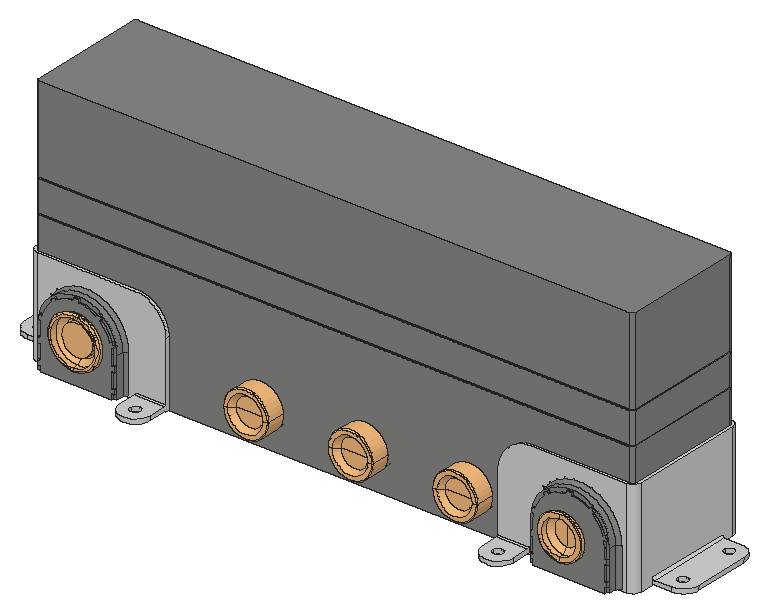
Revit family "Valve-Four_Outlet_Thermostatic-KOHLER-K-26342", category Plumbing Fixtures, host Face, Revit 2017
Family settings
  Host = Face
  Round Connector Dimension = Use Diameter
  Part Type = Normal
  OmniClass Number = 23.27.31.00
  OmniClass Title = Valves
  Cut with Voids When Loaded = No
  Shared = No
  Room Calculation Point = No
Parameters (values of type "NA-Not Applicable")
  Width = 16 33/64"  # constant formula
  WaterSense Certified = 1 = 0  # no
  Waste Connection = 1 = 0  # no
  Vent Connection = 1 = 0  # no
  Tempered Water Outlet 4 = "Tempered Water Outlet 4"  # constant formula
  Tempered Water Outlet 3 = "Tempered Water Outlet 3"  # constant formula
  Tempered Water Outlet 2 = "Tempered Water Outlet 2"  # constant formula
  Tempered Water Outlet 1 = "Tempered Water Outlet 1"  # constant formula
  URL = "https://www.us.kohler.com/us/"
  Type = 1
  Product Page URL = ""
  Product Name = ""
  Product Documentation Link = ""
  Pressure = 0.00 psi  # constant formula
  Model = "K-26342-NA"  # constant formula
  Material = "Plastic construction"  # constant formula
  Master Format 2014 Name = "Control Valves"  # constant formula
  Master Format 2014 = "23 09 13.33"  # constant formula
  Manufacturer Address = "444 Highland Dr, Kohler, WI 53044"  # constant formula
  Manufacturer = "KOHLER Co."  # constant formula
  Length = 6 13/128"  # constant formula
  Hot Water Inlet = "Hot Water Inlet"  # constant formula
  Height = 4 113/128"  # constant formula
  HW Connection = 1 = 1  # yes
  Flow Rate = 1.75 GPM  # constant formula
  Finish = Kohler-Plastic-58-Thunder_Grey
  Environmental Product Declaration = ""
  Description = "REC PUSH-BUTTON TH VALVE- 4 OUTLET"  # constant formula
  Default Elevation = 42"
  Declare Label = ""
  Date Modified = "02/12/2021"  # constant formula
  Date Created = "02/09/2021"  # constant formula
  Copyright = "Copyright KOHLER Co."  # constant formula
  Contact Us = "https://www.us.kohler.com/us/static/contact.jsp"
  Tempered Water Outlet 4 UP [instance] = yes
  Tempered Water Outlet 4 Down [instance] = not(Tempered Water Outlet 4 UP)  # no
  Tempered Water Outlet 3 UP [instance] = yes
  Tempered Water Outlet 3 Down [instance] = not(Tempered Water Outlet 3 UP)  # no
  Tempered Water Outlet 2 UP [instance] = yes
  Tempered Water Outlet 2 Down [instance] = not(Tempered Water Outlet 2 UP)  # no
  Tempered Water Outlet 1 UP [instance] = yes
  Tempered Water Outlet 1 Down [instance] = not(Tempered Water Outlet 1 UP)  # no
  Cold Water Inlet = "Cold Water Inlet"  # constant formula
  CW Connection = 1 = 1  # yes
  Assembly Code = "D2020"
  ADA Compliant = 1 = 0  # no
Reference planes (in)
  plane 1 "Center (Front/Back)": y = 0
  plane 2: z = 0
  plane 3 "Center (Left/Right)": x = 0
  plane 4: y = 2.44056
  plane 5: y = -2.44225
  plane 6: x = -8.2579
  plane 7: x = 8.25773
  plane 8: y = 2.06786
  plane 9: x = -7.88396
  plane 10: x = 7.88396
  plane 11: y = 0.7088
  plane 12: y = -0.7088
  plane 13: y = -2.06786
  plane 14: x = -4.439
  plane 15: x = 4.439
  plane 16: y = 1.59449
  plane 17: y = -1.59449
  plane 18: x = -7.41144
  plane 19: x = 7.41144
  plane 20: x = -6.0332
  plane 21: x = -1.81655
  plane 22: x = 3.3062
  plane 23: x = 0.7424
  plane 24: y = 1.06299
  plane 25: y = -1.06299
  plane 26: y = 1.51575
  plane 27: y = -1.51575
  plane 28: x = -7.31302
  plane 29: x = 3.67991
  plane 30: x = 7.31302
  plane 31: x = 5.84649
  plane 32: z = -6.10156
  plane 33: z = -5.22155
  plane 34: z = -5.11726
Forms (in)
  Extrusion 1, void
    sketch origin (0, 0, 0) x (1, 0, 0) y (0, 1, 0)
      loop
        line (-7.41144, 1.59449) -> (-7.41144, -1.59449) -> (7.41144, -1.59449) -> (7.41144, 1.59449) -> (-7.41144, 1.59449)
    from -6.10156 to 0.42611
  Extrusion 2, void
    sketch origin (0, 0, 0) x (1, 0, 0) y (0, 1, 0)
      loop
        line (-8.2579, 2.44188) -> (-8.2579, -2.44056) -> (8.2579, -2.44056) -> (8.2579, 2.44188) -> (-8.2579, 2.44188)
    from -3.65797 to -6.10236
Dimensions and locks (in)
  "Width": plane 6 to plane 7
  plane 14 to plane 15 = 8.878"
  plane 9 to plane 10 = 15.76792"
  plane 12 to plane 11 = 1.4176"
  plane 18 to plane 19 = 14.82288"
  plane 16 to plane 17 = 3.18898"
  plane 28 to plane 30 = 14.62603"
  plane 30 to plane 28 = 14.62603"
  plane 34 to plane 32 = 0.98431"
  plane 33 to plane 32 = 0.88001"
  "Height": plane 4 to plane 5
  "Length": level to plane 32
  aligned and locked: plane 2 to host face
  aligned and locked: level to host face
Automatic sketch dimensions
  host sketch curve to host sketch curve = 96"  (x2)
  Extrusion 1 sketch curve to plane 18 = 0"
  plane 17 to Extrusion 1 sketch curve = 0"
  Extrusion 1 sketch curve to plane 16 = 0"
  Extrusion 1 sketch curve to plane 19 = 0"
  Extrusion 2 sketch curve to plane 6 = 0"
  Extrusion 2 sketch curve to plane 5 = 0.00169"
  plane 4 to Extrusion 2 sketch curve = 0.00132"
  plane 7 to Extrusion 2 sketch curve = 0.00017"
Nested families (in)
  nested 1: "K-26342" at (0, 0, -6.10236), type "K-26342"
Connectors (in)
  piping at (-1.81655, 1.9404, -5.22241), diameter 0.5, driven by "Tempered Water Outlet 1", driven by "Flow Rate", driven by "HW Connection"
    settings: on nested 1, index 1, connector inside diameter 24", connector length 0", flow factor 0, pipe flow 1.75 GPM, pressure drop 0.00 psi, fitting loss kfactor 0, connector angle 0.00°, fixture units 0, engagement length 0", angle of deflection 0.00°, flow configuration 1, flow direction 2, fitting loss method 0, system type 19, joint type 0, gender type 0, connector reference index -1, connector utility 1, adjustable connector no, is connector primary yes, connector description "Tempered Water Outlet 1"
  piping at (0.7424, 1.9404, -5.22241), diameter 0.5, driven by "Flow Rate", driven by "HW Connection", driven by "Tempered Water Outlet 2"
    settings: on nested 1, index 2, connector inside diameter 24", connector length 0", flow factor 0, pipe flow 1.75 GPM, pressure drop 0.00 psi, fitting loss kfactor 0, connector angle 0.00°, fixture units 0, engagement length 0", angle of deflection 0.00°, flow configuration 1, flow direction 2, fitting loss method 0, system type 19, joint type 0, gender type 0, connector reference index -1, connector utility 1, adjustable connector no, is connector primary no, connector description "Tempered Water Outlet 2"
  piping at (3.3062, 1.94039, -5.22241), diameter 0.5, driven by "Flow Rate", driven by "HW Connection", driven by "Tempered Water Outlet 3"
    settings: on nested 1, index 3, connector inside diameter 24", connector length 0", flow factor 0, pipe flow 1.75 GPM, pressure drop 0.00 psi, fitting loss kfactor 0, connector angle 0.00°, fixture units 0, engagement length 0", angle of deflection 0.00°, flow configuration 1, flow direction 2, fitting loss method 0, system type 19, joint type 0, gender type 0, connector reference index -1, connector utility 1, adjustable connector no, is connector primary no, connector description "Tempered Water Outlet 3"
  piping at (5.84649, 1.85039, -5.22241), diameter 0.5, driven by "Flow Rate", driven by "HW Connection", driven by "Tempered Water Outlet 4"
    settings: on nested 1, index 4, connector inside diameter 24", connector length 0", flow factor 0, pipe flow 1.75 GPM, pressure drop 0.00 psi, fitting loss kfactor 0, connector angle 0.00°, fixture units 0, engagement length 0", angle of deflection 0.00°, flow configuration 1, flow direction 2, fitting loss method 0, system type 19, joint type 0, gender type 0, connector reference index -1, connector utility 1, adjustable connector no, is connector primary no, connector description "Tempered Water Outlet 4"
  piping at (-6.0332, -1.85039, -5.11811), diameter 0.75, driven by "Flow Rate", driven by "HW Connection", driven by "Hot Water Inlet"
    settings: on nested 1, index 5, connector inside diameter 24", connector length 0", flow factor 0, pipe flow 1.75 GPM, pressure drop 0.00 psi, fitting loss kfactor 0, connector angle 0.00°, fixture units 0, engagement length 0", angle of deflection 0.00°, flow configuration 1, flow direction 1, fitting loss method 0, system type 19, joint type 0, gender type 0, connector reference index -1, connector utility 1, adjustable connector no, is connector primary no, connector description "Hot Water Inlet"
  piping at (-6.0332, 1.85039, -5.11811), diameter 0.75, driven by "Flow Rate", driven by "CW Connection", driven by "Cold Water Inlet"
    settings: on nested 1, index 6, connector inside diameter 24", connector length 0", flow factor 0, pipe flow 1.75 GPM, pressure drop 0.00 psi, fitting loss kfactor 0, connector angle 0.00°, fixture units 0, engagement length 0", angle of deflection 0.00°, flow configuration 0, flow direction 1, fitting loss method 0, system type 20, joint type 0, gender type 0, connector reference index -1, connector utility 1, adjustable connector no, is connector primary no, connector description "Cold Water Inlet"
Definition of nested family "K-26342"
  Parameters (values of type "K-26342")
    Material = none
    Connector 4 UP = yes
    Connector 4 Down = not(Connector 4 UP)  # no
    Connector 4 Dis = if(Connector 4 UP, 3 1/32", 0")  # 3 1/32"
    Connector 4 Angle = if(Connector 4 UP, 0.00°, 180.00°)  # 0.00°
    Connector 3 UP = yes
    Connector 3 Down = not(Connector 3 UP)  # no
    Connector 3 Dis = if(Connector 3 UP, 3 1/32", 0")  # 3 1/32"
    Connector 3 Angle = if(Connector 3 UP, 180.00°, 0.00°)  # 180.00°
    Connector 2 UP = yes
    Connector 2 Down = not(Connector 2 UP)  # no
    Connector 2 Dis = if(Connector 2 UP, 3 1/32", 0")  # 3 1/32"
    Connector 2 Angle = if(Connector 2 UP, 0.00°, 180.00°)  # 0.00°
    Connector 1 UP = yes
    Connector 1 Down = not(Connector 1 UP)  # no
    Connector 1 Dis = if(Connector 1 UP, 3 1/32", 0")  # 3 1/32"
    Connector 1 Angle = if(Connector 1 UP, 180.00°, 0.00°)  # 180.00°
  Reference planes (in)
    plane 1 "Center (Front/Back)": y = 0
    plane 2: z = 0
    plane 3 "Center (Left/Right)": x = 0
    plane 4: y = 2.44056
    plane 5: y = 1.51575
    plane 6: y = -2.44056
    plane 7: y = -1.51575
    plane 8: y = 1.59449
    plane 9: y = -1.59449
    plane 10: x = -8.2579
    plane 11: x = -7.41144
    plane 12: x = -7.31302
    plane 13: x = -7.0079
    plane 14: x = -6.96853
    plane 15: x = -5.05851
    plane 16: x = -5.09788
    plane 17: x = -4.81302
    plane 18: x = -4.06498
    plane 19: x = -2.37242
    plane 20: x = -1.26962
    plane 21: x = 0.18692
    plane 22: x = 1.28972
    plane 23: x = 2.74605
    plane 24: x = 3.84885
    plane 25: x = 4.06498
    plane 26: x = 4.81302
    plane 27: x = 5.05851
    plane 28: x = 5.09788
    plane 29: x = 5.30429
    plane 30: x = 6.40685
    plane 31: x = 6.96853
    plane 32: x = 7.0079
    plane 33: x = 8.2579
    plane 34: x = 7.41144
    plane 35: x = 7.31302
    plane 36: z = 6.10236
    plane 37: z = 5.70866
    plane 38: z = 2.38189
    plane 39: z = 0.11829
    plane 40: x = -7.06464
    plane 41: x = -7.21499
    plane 42: x = -4.99619
    plane 43: x = -4.93113
    plane 44: x = 4.96061
    plane 45: x = 7.10628
    plane 46: x = 7.21499
    plane 47: x = -1.81655
    plane 48: x = 5.84649
    plane 49: x = 3.3062
    plane 50: x = 0.7424
    plane 51: x = -6.0332
    plane 52: y = 1.43715
    plane 53: y = 1.39764
    plane 54: y = -1.43715
    plane 55: y = -1.39764
    plane 56: y = -0.04594
    plane 57: y = 1.06299
    plane 58: y = -1.06299
    plane 59: y = 0.7088
    plane 60: y = -0.70874
    plane 61: y = 2.06786
    plane 62: x = -4.439
    plane 63: x = -7.88396
    plane 64: x = 7.88396
    plane 65: y = -2.06786
    plane 66: x = 4.439
    plane 67: z = 0.21715
    plane 68 "B": y = 1.5155
    plane 69 "C": y = 1.5155
    plane 70 "D": y = 1.5155
    plane 71 "E": y = 1.5155
    plane 72: z = 0.87995
    plane 73: z = 0.98425
    plane 74: y = 1.98819
    plane 75: y = -1.98819
  Forms (in)
    Extrusion 1, solid, material <- "Material", detail levels medium+fine
      sketch origin (0, 0, 0) x (1, 0, 0) y (0, 1, 0)
        loop
          line (7.23528, 1.51575) -> (-7.23442, 1.51575)
          arc (-7.23442, 1.51575) -> (-7.29, 1.49273) -> (-7.31302, 1.43715) r 0.0786
          line (-7.31302, 1.43715) -> (-7.31302, -1.43749)
          arc (-7.31302, -1.43749) -> (-7.29009, -1.49283) -> (-7.23476, -1.51575) r 0.07826
          line (-7.23476, -1.51575) -> (7.23455, -1.51575)
          arc (7.23455, -1.51575) -> (7.29, -1.49278) -> (7.31297, -1.43733) r 0.07842
          line (7.31297, -1.43733) -> (7.31297, 1.43806)
          arc (7.31297, 1.43806) -> (7.29022, 1.49299) -> (7.23528, 1.51575) r 0.07769
      from 0 to 6.10236
    Extrusion 2, solid, detail levels medium+fine
      sketch origin (0, 0, 0) x (1, 0, 0) y (0, 1, 0)
        loop
          line (-3.3914, 1.59449) -> (-7.21405, 1.59449)
          arc (-7.21405, 1.59449) -> (-7.35363, 1.53667) -> (-7.41144, 1.3971) r 0.19739
          line (-7.41144, 1.3971) -> (-7.41144, -1.39804)
          arc (-7.41144, -1.39804) -> (-7.3539, -1.53695) -> (-7.21499, -1.59449) r 0.19645
          line (-7.21499, -1.59449) -> (-3.3914, -1.59449) -> (-3.3914, 1.59449)
        loop
          line (3.827, 1.59449) -> (3.827, -1.59449) -> (7.21499, -1.59449)
          arc (7.21499, -1.59449) -> (7.3539, -1.53695) -> (7.41144, -1.39804) r 0.19645
          line (7.41144, -1.39804) -> (7.41144, 1.3971)
          arc (7.41144, 1.3971) -> (7.35363, 1.53667) -> (7.21405, 1.59449) r 0.19739
          line (7.21405, 1.59449) -> (3.827, 1.59449)
      from 0 to 3.16929
    Extrusion 3, void
      sketch origin (0, 0, 0) x (1, 0, 0) y (0, 0, 1)
        loop
          arc (-4.8502, 2.38189) -> (-4.29497, 2.15191) -> (-4.06498, 1.59667) r 0.78522
          line (-4.06498, 1.59667) -> (-4.06498, -0.30561) -> (-3.06498, -0.30561) -> (-3.06498, 3.38189) -> (-7.81498, 3.38189) -> (-7.81498, 2.38189) -> (-4.8502, 2.38189)
        loop
          line (7.8518, 2.38189) -> (7.8518, 3.38189) -> (3.2893, 3.38189) -> (3.2893, -0.71748) -> (4.06494, -0.71748) -> (4.06494, 1.59502)
          arc (4.06494, 1.59502) -> (4.29541, 2.15142) -> (4.8518, 2.38189) r 0.78687
          line (4.8518, 2.38189) -> (7.8518, 2.38189)
      from -2.82494 to 2.86769
    Extrusion 4, solid, detail levels medium+fine
      sketch origin (0, 0, -0.00391) x (1, 0, 0) y (0, 1, 0)
        loop
          line (-7.41144, 1.06299) -> (-7.8832, 1.06299)
          arc (-7.8832, 1.06299) -> (-8.14815, 0.95325) -> (-8.2579, 0.68829) r 0.3747
          line (-8.2579, 0.68829) -> (-8.2579, -0.68823)
          arc (-8.2579, -0.68823) -> (-8.14813, -0.95323) -> (-7.88314, -1.06299) r 0.37476
          line (-7.88314, -1.06299) -> (-7.41144, -1.06299) -> (-7.41144, 1.06299)
        loop
          arc (-4.81302, -2.06655) -> (-4.439, -2.44056) -> (-4.06498, -2.06655) r 0.37402
          line (-4.06498, -2.06655) -> (-4.06498, -1.59449) -> (-4.81302, -1.59449) -> (-4.81302, -2.06655)
        loop
          line (-4.06498, 1.59449) -> (-4.06498, 2.06786)
          arc (-4.06498, 2.06786) -> (-4.439, 2.44188) -> (-4.81302, 2.06786) r 0.37402
          line (-4.81302, 2.06786) -> (-4.81302, 1.59449) -> (-4.06498, 1.59449)
        loop
          circle (-7.88396, 0.7088) r 0.12529
        loop
          circle (-7.88396, -0.7088) r 0.12529
        loop
          circle (-4.439, 2.06786) r 0.12354
        loop
          circle (-4.439, -2.06655) r 0.12509
        loop
          line (7.41144, 1.06299) -> (7.41144, -1.06299) -> (7.88314, -1.06299)
          arc (7.88314, -1.06299) -> (8.14813, -0.95323) -> (8.2579, -0.68823) r 0.37476
          line (8.2579, -0.68823) -> (8.2579, 0.68829)
          arc (8.2579, 0.68829) -> (8.14815, 0.95325) -> (7.8832, 1.06299) r 0.3747
          line (7.8832, 1.06299) -> (7.41144, 1.06299)
        loop
          line (4.81302, -2.06655) -> (4.81302, -1.59449) -> (4.06498, -1.59449) -> (4.06498, -2.06655)
          arc (4.06498, -2.06655) -> (4.439, -2.44056) -> (4.81302, -2.06655) r 0.37402
        loop
          line (4.06498, 1.59449) -> (4.81302, 1.59449) -> (4.81302, 2.06786)
          arc (4.81302, 2.06786) -> (4.439, 2.44188) -> (4.06498, 2.06786) r 0.37402
          line (4.06498, 2.06786) -> (4.06498, 1.59449)
        loop
          circle (7.88396, 0.7088) r 0.12529
        loop
          circle (7.88396, -0.7088) r 0.12529
        loop
          circle (4.439, 2.06786) r 0.12354
        loop
          circle (4.439, -2.06655) r 0.12509
      from 0.02344 to 0.12219
    Sweep 5, solid, material <- "Material", detail levels medium+fine
      path origin (0, 0, 0) x (1, 0, 0) y (0, 0, 1)
        loop
          line (-5.05908, 0.01969) -> (-5.05908, 0.98445)
          arc (-5.05908, 0.98445) -> (-6.03349, 1.95886) -> (-7.0079, 0.98445) r 0.97441
          line (-7.0079, 0.98445) -> (-7.0079, 0.01969)
      profile origin (-7.0079, 0, 0.50207) x (0, -1, 0) y (1, 0, 0)
        loop
          line (1.85039, 0) -> (1.85039, 0.31023) -> (1.58863, 0.31023) -> (1.58863, -0.07652)
          arc (1.58863, -0.07652) -> (1.62824, -0.02118) -> (1.69291, 0) r 0.10932
          line (1.69291, 0) -> (1.85039, 0)
        loop
          line (-1.85039, 0) -> (-1.69291, 0)
          arc (-1.69291, 0) -> (-1.62824, -0.02118) -> (-1.58863, -0.07652) r 0.10932
          line (-1.58863, -0.07652) -> (-1.58863, 0.31023) -> (-1.85039, 0.31023) -> (-1.85039, 0)
    Sweep 6, solid, material <- "Material", detail levels medium+fine
      path origin (0, 0, 0) x (-1, 0, 0) y (0, 0, 1)
        loop
          line (-5.05908, 0.01969) -> (-5.05908, 0.98445)
          arc (-5.05908, 0.98445) -> (-6.03349, 1.95886) -> (-7.0079, 0.98445) r 0.97441
          line (-7.0079, 0.98445) -> (-7.0079, 0.01969)
      profile origin (7.0079, 0, 0.50207) x (0, -1, 0) y (1, 0, 0)
        loop
          line (1.85039, 0) -> (1.69291, 0)
          arc (1.69291, 0) -> (1.62042, 0.02929) -> (1.58863, 0.10072) r 0.10435
          line (1.58863, 0.10072) -> (1.58863, -0.31023) -> (1.85039, -0.31023) -> (1.85039, 0)
        loop
          line (-1.85039, 0) -> (-1.85039, -0.31023) -> (-1.58863, -0.31023) -> (-1.58863, 0.10072)
          arc (-1.58863, 0.10072) -> (-1.62042, 0.02929) -> (-1.69291, 0) r 0.10435
          line (-1.69291, 0) -> (-1.85039, 0)
    Extrusion 7, solid, material <- "Material", detail levels medium+fine
      sketch origin (0, 0, 0) x (1, 0, 0) y (0, 0, 1)
        loop
          line (-6.90947, 0.1378) -> (-6.90947, 0) -> (-5.1575, 0) -> (-5.1575, 0.1378) -> (-5.09845, 0.1378) -> (-5.09845, 0.25591) -> (-5.1575, 0.25591) -> (-5.1575, 0.62992) -> (-5.09845, 0.62992) -> (-5.09845, 0.74803) -> (-5.1575, 0.74803) -> (-5.1575, 0.98425)
          arc (-5.1575, 0.98425) -> (-5.16093, 1.06162) -> (-5.17117, 1.13839) r 0.87598
          line (-5.17117, 1.13839) -> (-5.1138, 1.15269)
          arc (-5.1138, 1.15269) -> (-5.12627, 1.21045) -> (-5.14235, 1.2673) r 0.93495
          line (-5.14235, 1.2673) -> (-5.19974, 1.25299)
          arc (-5.19974, 1.25299) -> (-5.29883, 1.46135) -> (-5.44887, 1.63661) r 0.87598
          line (-5.44887, 1.63661) -> (-5.4124, 1.68329)
          arc (-5.4124, 1.68329) -> (-5.45778, 1.72112) -> (-5.50546, 1.75602) r 0.93495
          line (-5.50546, 1.75602) -> (-5.54194, 1.70932)
          arc (-5.54194, 1.70932) -> (-5.7483, 1.81251) -> (-5.97443, 1.85824) r 0.87598
          line (-5.97443, 1.85824) -> (-5.97443, 1.91753)
          arc (-5.97443, 1.91753) -> (-6.03349, 1.9194) -> (-6.09254, 1.91753) r 0.93495
          line (-6.09254, 1.91753) -> (-6.09254, 1.85824)
          arc (-6.09254, 1.85824) -> (-6.31868, 1.81251) -> (-6.52503, 1.70932) r 0.87598
          line (-6.52503, 1.70932) -> (-6.56151, 1.75602)
          arc (-6.56151, 1.75602) -> (-6.60919, 1.72112) -> (-6.65458, 1.68329) r 0.93495
          line (-6.65458, 1.68329) -> (-6.61811, 1.63661)
          arc (-6.61811, 1.63661) -> (-6.76815, 1.46135) -> (-6.86723, 1.25299) r 0.87598
          line (-6.86723, 1.25299) -> (-6.92462, 1.2673)
          arc (-6.92462, 1.2673) -> (-6.94071, 1.21045) -> (-6.95317, 1.15269) r 0.93495
          line (-6.95317, 1.15269) -> (-6.8958, 1.13839)
          arc (-6.8958, 1.13839) -> (-6.90605, 1.06162) -> (-6.90947, 0.98425) r 0.87598
          line (-6.90947, 0.98425) -> (-6.90947, 0.74803) -> (-6.96853, 0.74803) -> (-6.96853, 0.62992) -> (-6.90947, 0.62992) -> (-6.90947, 0.25591) -> (-6.96853, 0.25591) -> (-6.96853, 0.1378) -> (-6.90947, 0.1378)
        loop
          line (6.90926, 0.1378) -> (6.96832, 0.1378) -> (6.96832, 0.25591) -> (6.90926, 0.25591) -> (6.90926, 0.62992) -> (6.96832, 0.62992) -> (6.96832, 0.74803) -> (6.90926, 0.74803) -> (6.90926, 0.98425)
          arc (6.90926, 0.98425) -> (6.90584, 1.06162) -> (6.8956, 1.13839) r 0.87598
          line (6.8956, 1.13839) -> (6.95296, 1.15269)
          arc (6.95296, 1.15269) -> (6.9405, 1.21045) -> (6.92441, 1.2673) r 0.93495
          line (6.92441, 1.2673) -> (6.86702, 1.25299)
          arc (6.86702, 1.25299) -> (6.76794, 1.46135) -> (6.6179, 1.63661) r 0.87598
          line (6.6179, 1.63661) -> (6.65437, 1.68329)
          arc (6.65437, 1.68329) -> (6.60899, 1.72112) -> (6.5613, 1.75602) r 0.93495
          line (6.5613, 1.75602) -> (6.52483, 1.70932)
          arc (6.52483, 1.70932) -> (6.31847, 1.81251) -> (6.09233, 1.85824) r 0.87598
          line (6.09233, 1.85824) -> (6.09233, 1.91753)
          arc (6.09233, 1.91753) -> (6.03328, 1.9194) -> (5.97422, 1.91753) r 0.93495
          line (5.97422, 1.91753) -> (5.97422, 1.85824)
          arc (5.97422, 1.85824) -> (5.74809, 1.81251) -> (5.54173, 1.70932) r 0.87598
          line (5.54173, 1.70932) -> (5.50525, 1.75602)
          arc (5.50525, 1.75602) -> (5.45757, 1.72112) -> (5.41219, 1.68329) r 0.93495
          line (5.41219, 1.68329) -> (5.44866, 1.63661)
          arc (5.44866, 1.63661) -> (5.29862, 1.46135) -> (5.19954, 1.25299) r 0.87598
          line (5.19954, 1.25299) -> (5.14214, 1.2673)
          arc (5.14214, 1.2673) -> (5.12606, 1.21045) -> (5.11359, 1.15269) r 0.93495
          line (5.11359, 1.15269) -> (5.17096, 1.13839)
          arc (5.17096, 1.13839) -> (5.16072, 1.06162) -> (5.15729, 0.98425) r 0.87598
          line (5.15729, 0.98425) -> (5.15729, 0.74803) -> (5.09824, 0.74803) -> (5.09824, 0.62992) -> (5.15729, 0.62992) -> (5.15729, 0.25591) -> (5.09824, 0.25591) -> (5.09824, 0.1378) -> (5.15729, 0.1378) -> (5.15729, 0) -> (6.90926, 0) -> (6.90926, 0.1378)
      from -1.92913 to 1.8897
    Revolve 8, solid, detail levels medium+fine
      sketch origin (-6.0332, 0, 0) x (0, 1, 0) y (0, 0, 1)
        loop
          line (-1.98819, 1.58465) -> (-1.98819, 1.52773) -> (-1.85039, 1.52773) -> (-1.72942, 1.40675) -> (-1.72942, 0.98425) -> (1.72942, 0.98425) -> (1.72942, 1.40675) -> (1.85039, 1.52773) -> (1.98819, 1.52773) -> (1.98819, 1.58465) -> (1.94895, 1.62388) -> (-1.94895, 1.62388) -> (-1.98819, 1.58465)
        axis (1.98819, 0.98425) -> (-1.98819, 0.98425)
      angle from 0 to 360
    Revolve 9, solid, detail levels medium+fine
      sketch origin (5.85547, 0, 0) x (0, 1, 0) y (0, 0, 1)
        loop
          line (-1.9685, 1.30575) -> (-1.84716, 1.30575) -> (-1.72942, 1.188) -> (-1.72942, 0.88583) -> (1.72942, 0.88583) -> (1.72942, 1.188) -> (1.84716, 1.30575) -> (1.9685, 1.30575) -> (1.9685, 1.4127) -> (1.94882, 1.43701) -> (-1.94882, 1.43701) -> (-1.9685, 1.4127) -> (-1.9685, 1.30575)
        axis (-1.9685, 0.88583) -> (1.9685, 0.88583)
      angle from 0 to 360
    Revolve 10, solid, detail levels medium+fine
      sketch origin (0, 0, 0.88574) x (1, 0, 0) y (0, 1, 0)
        loop
          line (2.86415, -1.9685) -> (2.95569, -1.83778) -> (3.29722, -1.83778) -> (3.29722, 1.83778) -> (2.95569, 1.83778) -> (2.86415, 1.9685) -> (2.76572, 1.9685) -> (2.74604, 1.94039) -> (2.74604, -1.94039) -> (2.76572, -1.9685) -> (2.86415, -1.9685)
        axis (3.29722, -1.9685) -> (3.29722, 1.9685)
      angle from 0 to 360
    Revolve 11, solid, detail levels medium+fine
      sketch origin (4.03612, 0, 0.88574) x (-1, 0, 0) y (0, -1, 0)
        loop
          line (3.73029, 1.9685) -> (3.63876, 1.83777) -> (3.29722, 1.83777) -> (3.29722, -1.83778) -> (3.63876, -1.83778) -> (3.73029, -1.96851) -> (3.82872, -1.96851) -> (3.8484, -1.9404) -> (3.8484, 1.94039) -> (3.82872, 1.9685) -> (3.73029, 1.9685)
        axis (3.29722, 1.9685) -> (3.29722, -1.96851)
      angle from 0 to 360
    Revolve 12, solid, detail levels medium+fine
      sketch origin (-5.11824, 0, 0.88574) x (1, 0, 0) y (0, 1, 0)
        loop
          line (2.86415, -1.9685) -> (2.95569, -1.83778) -> (3.29722, -1.83778) -> (3.29722, 1.83778) -> (2.95569, 1.83778) -> (2.86415, 1.9685) -> (2.76572, 1.9685) -> (2.74604, 1.94039) -> (2.74604, -1.94039) -> (2.76572, -1.9685) -> (2.86415, -1.9685)
        axis (3.29722, -1.9685) -> (3.29722, 1.9685)
      angle from 0 to 360
    Sweep 13, void
      path origin (0, 0, 0) x (1, 0, 0) y (0, 1, 0)
        loop
          line (-7.31302, 1.43715) -> (-7.31302, -1.43749)
          arc (-7.31302, -1.43749) -> (-7.29009, -1.49283) -> (-7.23476, -1.51575) r 0.07826
          line (-7.23476, -1.51575) -> (7.23455, -1.51575)
          arc (7.23455, -1.51575) -> (7.29, -1.49278) -> (7.31297, -1.43733) r 0.07842
          line (7.31297, -1.43733) -> (7.31297, 1.43806)
          arc (7.31297, 1.43806) -> (7.29022, 1.49299) -> (7.23528, 1.51575) r 0.07769
          line (7.23528, 1.51575) -> (-7.23442, 1.51575)
          arc (-7.23442, 1.51575) -> (-7.29, 1.49273) -> (-7.31302, 1.43715) r 0.0786
      profile origin (-7.31302, -0.00017, 0) x (1, 0, 0) y (0, 0, 1)
        loop
          line (0.01969, 3.20866) -> (-0.03333, 3.20866) -> (-0.03333, 3.16929) -> (0.01969, 3.16929) -> (0.01969, 3.20866)
        loop
          line (0.01969, 3.99606) -> (-0.03033, 3.99606) -> (-0.03033, 3.95669) -> (0.01969, 3.95669) -> (0.01969, 3.99606)
    Extrusion 14, void
      sketch origin (0, 0, 0) x (1, 0, 0) y (0, 0, 1)
        loop
          circle (-6.0332, 0.98425) r 0.60039
      from 1.43701 to 2.06237
    Extrusion 15, void
      sketch origin (0, 0, 0) x (1, 0, 0) y (0, 0, 1)
        loop
          circle (5.85547, 0.88583) r 0.44719
      from 1.06299 to 2.19501
    Extrusion 16, void
      sketch origin (0, 0, 0) x (1, 0, 0) y (0, 0, -1)
        loop
          circle (-6.0332, -0.98425) r 0.60039
      from 1.43701 to 2.06237
    Extrusion 17, void
      sketch origin (0, 0, 0) x (1, 0, 0) y (0, 0, -1)
        loop
          circle (5.85547, -0.88583) r 0.5
      from 1.06299 to 2.19501
    Extrusion 18, solid, detail levels medium+fine
      sketch origin (0, 0, 0) x (1, 0, 0) y (0, 0, 1)
        loop
          line (-7.50289, 0.11079) -> (-7.40402, 0.11079) -> (-7.40402, 0.20277)
          arc (-7.40402, 0.20277) -> (-7.43537, 0.13734) -> (-7.50289, 0.11079) r 0.09913
      from -1.06299 to 1.06299
    Extrusion 19, solid, detail levels medium+fine
      sketch origin (0, 0, 0) x (-1, 0, 0) y (0, 0, -1)
        loop
          arc (-7.50289, -0.11079) -> (-7.43537, -0.13734) -> (-7.40402, -0.20277) r 0.09913
          line (-7.40402, -0.20277) -> (-7.40402, -0.11079) -> (-7.50289, -0.11079)
      from -1.06299 to 1.06299
    Extrusion 20, solid, detail levels medium+fine
      sketch origin (0, -0.10547, -0.00391) x (0, 1, 0) y (0, 0, 1)
        loop
          arc (1.75993, 0.11488) -> (1.70932, 0.14101) -> (1.68901, 0.19422) r 0.07984
          line (1.68901, 0.19422) -> (1.68901, 0.11488) -> (1.75993, 0.11488)
      from 4.06494 to 4.81302
    Extrusion 21, solid, detail levels medium+fine
      sketch origin (0, -0.10547, -0.00391) x (0, 1, 0) y (0, 0, -1)
        loop
          line (1.75993, -0.11488) -> (1.68901, -0.11488) -> (1.68901, -0.19422)
          arc (1.68901, -0.19422) -> (1.70932, -0.14101) -> (1.75993, -0.11488) r 0.07984
      from 4.06494 to 4.81302
    Extrusion 22, solid, detail levels medium+fine
      sketch origin (0, 0.10547, -0.00391) x (0, -1, 0) y (0, 0, -1)
        loop
          line (1.75993, -0.11488) -> (1.68901, -0.11488) -> (1.68901, -0.19422)
          arc (1.68901, -0.19422) -> (1.70932, -0.14101) -> (1.75993, -0.11488) r 0.07984
      from 4.06494 to 4.81302
    Extrusion 23, solid, detail levels medium+fine
      sketch origin (0, 0.10547, -0.00391) x (0, -1, 0) y (0, 0, 1)
        loop
          arc (1.75993, 0.11488) -> (1.70932, 0.14101) -> (1.68901, 0.19422) r 0.07984
          line (1.68901, 0.19422) -> (1.68901, 0.11488) -> (1.75993, 0.11488)
      from 4.06494 to 4.81302
    Extrusion 24, solid, detail levels medium+fine
      sketch origin (0, 0, 0) x (1, 0, 0) y (0, 0, 1)
        loop
          circle (-6.0332, 0.98425) r 0.375
      from -1.85039 to 1.85039
    Extrusion 25, solid, material <- "Material", detail levels coarse
      sketch origin (0, 0, 0) x (1, 0, 0) y (0, 0, 1)
        loop
          line (7.34422, 6.22736) -> (-7.37552, 6.22736) -> (-7.37552, 0) -> (7.34422, 0) -> (7.34422, 6.22736)
      from -1.53543 to 1.53543
    Extrusion 26, solid, detail levels coarse
      sketch origin (0, 0, 0) x (1, 0, 0) y (0, 0, 1)
        loop
          line (-7.53644, 2.44439) -> (-7.53644, 0) -> (-4.06498, 0) -> (-4.06498, 2.44439) -> (-7.53644, 2.44439)
      from -1.59449 to 1.59449
    Extrusion 27, solid, detail levels coarse
      sketch origin (0, 0, 0) x (-1, 0, 0) y (0, 0, -1)
        loop
          line (-7.53644, -2.44439) -> (-4.06498, -2.44439) -> (-4.06498, 0) -> (-7.53644, 0) -> (-7.53644, -2.44439)
      from -1.59449 to 1.59449
    Extrusion 28, solid, detail levels coarse
      sketch origin (0, 0, 0) x (1, 0, 0) y (0, 0, 1)
        loop
          line (-7.08442, 0) -> (-4.98256, 0) -> (-4.98256, 0.98862)
          arc (-4.98256, 0.98862) -> (-6.03349, 2.03955) -> (-7.08442, 0.98862) r 1.05093
          line (-7.08442, 0.98862) -> (-7.08442, 0)
      from -1.92913 to 1.8897
    Extrusion 29, solid, detail levels coarse
      sketch origin (0, 0, 0) x (-1, 0, 0) y (0, 0, -1)
        loop
          line (-7.08442, 0) -> (-7.08442, -0.98862)
          arc (-7.08442, -0.98862) -> (-6.03349, -2.03955) -> (-4.98256, -0.98862) r 1.05093
          line (-4.98256, -0.98862) -> (-4.98256, 0) -> (-7.08442, 0)
      from -1.92913 to 1.8897
    Extrusion 30, solid, detail levels coarse
      sketch origin (0, 0, 0) x (1, 0, 0) y (0, 0, 1)
        loop
          circle (-6.0332, 0.98425) r 0.69038
      from -1.98819 to 1.98819
    Extrusion 31, solid, detail levels coarse
      sketch origin (12.69224, 0, -0.09375) x (1, 0, 0) y (0, 0, 1)
        loop
          circle (-14.51192, 0.97949) r 0.58377
        loop
          circle (-11.952, 0.97949) r 0.58377
        loop
          circle (-9.39368, 0.97949) r 0.58377
      from -1.98819 to 1.98819
    Extrusion 32, solid, detail levels coarse
      sketch origin (11.89365, 0, -0.09375) x (1, 0, 0) y (0, 0, 1)
        loop
          circle (-6.03818, 0.97958) r 0.56629
      from -1.98819 to 1.98819
    Extrusion 33, solid, detail levels coarse
      sketch origin (0, 0, 0) x (1, 0, 0) y (0, 1, 0)
        loop
          line (-8.2579, -1.06299) -> (-7.41144, -1.06299) -> (-7.41144, -1.59449) -> (-4.81302, -1.59449) -> (-4.81302, -2.06655)
          arc (-4.81302, -2.06655) -> (-4.439, -2.44056) -> (-4.06498, -2.06655) r 0.37402
          line (-4.06498, -2.06655) -> (-4.06498, 2.06786)
          arc (-4.06498, 2.06786) -> (-4.439, 2.44188) -> (-4.81302, 2.06786) r 0.37402
          line (-4.81302, 2.06786) -> (-4.81302, 1.59449) -> (-7.41144, 1.59449) -> (-7.41144, 1.06299) -> (-8.2579, 1.06299) -> (-8.2579, -1.06299)
        loop
          line (8.2579, -1.06299) -> (8.2579, 1.06299) -> (7.41144, 1.06299) -> (7.41144, 1.59449) -> (4.81302, 1.59449) -> (4.81302, 2.06786)
          arc (4.81302, 2.06786) -> (4.439, 2.44188) -> (4.06498, 2.06786) r 0.37402
          line (4.06498, 2.06786) -> (4.06498, -2.06655)
          arc (4.06498, -2.06655) -> (4.439, -2.44056) -> (4.81302, -2.06655) r 0.37402
          line (4.81302, -2.06655) -> (4.81302, -1.59449) -> (7.41144, -1.59449) -> (7.41144, -1.06299) -> (8.2579, -1.06299)
        loop
          circle (-4.439, -2.06655) r 0.12509
        loop
          circle (-7.88396, -0.7088) r 0.12529
        loop
          circle (-7.88396, 0.7088) r 0.12529
        loop
          circle (-4.439, 2.06786) r 0.12354
        loop
          circle (4.439, 2.06786) r 0.12354
        loop
          circle (4.439, -2.06655) r 0.12509
        loop
          circle (7.88396, -0.7088) r 0.12529
        loop
          circle (7.88396, 0.7088) r 0.12529
      from 0 to 0.23414
    Revolve 34, solid, detail levels medium+fine
      sketch origin (5.84649, 1.5155, 0.87995) x (0, 1, 0) y (-1, 0, 0)
        loop
          line (0.00004, 0) -> (0.00004, -0.25) -> (0.33489, -0.25) -> (0.33489, 0) -> (0.00004, 0)
        axis (0.00004, 0) -> (0.33489, 0)
      angle from 0 to 360
    Revolve 35, solid, detail levels medium+fine
      sketch origin (3.3062, 1.5155, 0.87995) x (0, 1, 0) y (-1, 0, 0)
        loop
          line (0.00113, 0) -> (0.00113, -0.25) -> (0.42489, -0.25) -> (0.42489, 0) -> (0.00113, 0)
        axis (0.00113, 0) -> (0.42489, 0)
      angle from 0 to 360
    Revolve 36, solid, detail levels medium+fine
      sketch origin (0.7424, 1.5155, 0.87995) x (0, 1, 0) y (-1, 0, 0)
        loop
          line (0.0011, 0) -> (0.0011, -0.25) -> (0.4249, -0.25) -> (0.4249, 0) -> (0.0011, 0)
        axis (0.0011, 0) -> (0.4249, 0)
      angle from 0 to 360
    Revolve 37, solid, detail levels medium+fine
      sketch origin (-1.81655, 1.5155, 0.87995) x (0, 1, 0) y (-1, 0, 0)
        loop
          line (0.00116, 0) -> (0.00116, -0.25) -> (0.4249, -0.25) -> (0.4249, 0) -> (0.00116, 0)
        axis (0.00116, 0) -> (0.4249, 0)
      angle from 0 to 360
  Cuts and joins
    Sweep 13, Extrusion 16, Extrusion 17 cuts Extrusion 1
    Extrusion 16, Extrusion 17 cuts Sweep 5
    Extrusion 16, Extrusion 17 cuts Sweep 6
    Extrusion 14, Extrusion 15, Extrusion 16, Extrusion 17 cuts Extrusion 7
    joined: Extrusion 1, Sweep 5, Sweep 6, Extrusion 7
    Extrusion 3, Extrusion 16, Extrusion 17 cuts Extrusion 2
    joined: Extrusion 2, Extrusion 4, Extrusion 18, Extrusion 19, Extrusion 20, Extrusion 21, Extrusion 22, Extrusion 23
    joined: Revolve 8, Revolve 9, Revolve 10, Revolve 11, Revolve 12, Extrusion 24
    joined: Extrusion 26, Extrusion 27, Extrusion 28, Extrusion 29, Extrusion 33
    joined: Extrusion 30, Extrusion 31, Extrusion 32
  Lines and regions (in)
    Masking region 1
      outline origin (0, 0, 0) x (1, 0, 0) y (0, 1, 0)
        loop
          line (-7.41144, 1.39804) -> (-7.41144, -1.39804)
          arc (-7.41144, -1.39804) -> (-7.3539, -1.53695) -> (-7.21499, -1.59449) r 0.19645
          line (-7.21499, -1.59449) -> (7.21499, -1.59449)
          arc (7.21499, -1.59449) -> (7.3539, -1.53695) -> (7.41144, -1.39804) r 0.19645
          line (7.41144, -1.39804) -> (7.41144, 1.39804)
          arc (7.41144, 1.39804) -> (7.3539, 1.53695) -> (7.21499, 1.59449) r 0.19645
          line (7.21499, 1.59449) -> (-7.21499, 1.59449)
          arc (-7.21499, 1.59449) -> (-7.3539, 1.53695) -> (-7.41144, 1.39804) r 0.19645
    Masking region 2, detail levels medium+fine
      outline origin (0, 0, 0) x (1, 0, 0) y (0, 0, 1)
        loop
          line (7.31288, 6.10236) -> (-7.31302, 6.10236) -> (-7.31302, 2.38189) -> (-7.41144, 2.38189) -> (-7.41144, 0.21465)
          arc (-7.41144, 0.21465) -> (-7.43972, 0.14638) -> (-7.50798, 0.11811) r 0.09654
          line (-7.50798, 0.11811) -> (-8.2579, 0.11811) -> (-8.2579, 0) -> (8.2579, 0) -> (8.2579, 0.11826) -> (7.50928, 0.11826)
          arc (7.50928, 0.11826) -> (7.4401, 0.14692) -> (7.41144, 0.21611) r 0.09784
          line (7.41144, 0.21611) -> (7.41144, 2.38189) -> (7.31288, 2.38189) -> (7.31288, 6.10236)
    Masking region 3
      outline origin (0, 0, 0) x (0, 1, 0) y (0, 0, 1)
        loop
          line (1.51575, 6.10236) -> (-1.51575, 6.10236) -> (-1.51575, 2.38189) -> (-1.59449, 2.38189) -> (-1.59449, 2.05669)
          arc (-1.59449, 2.05669) -> (-1.62314, 1.98751) -> (-1.69233, 1.95886) r 0.09784
          line (-1.69233, 1.95886) -> (-1.85039, 1.95886) -> (-1.85039, 1.9194) -> (-1.8897, 1.9194) -> (-1.8897, 1.62388) -> (-1.94895, 1.62388) -> (-1.98819, 1.58465) -> (-1.98819, 0.37402) -> (-1.94882, 0.33465) -> (-1.8897, 0.33465) -> (-1.8897, 0.11826) -> (-2.44056, 0.11826) -> (-2.44056, 0) -> (-0.00047, 0) -> (2.44191, 0) -> (2.44191, 0.11826) -> (1.92913, 0.11826) -> (1.92913, 0.31495) -> (1.98819, 0.37402) -> (1.98819, 1.58465) -> (1.92876, 1.64407) -> (1.92876, 1.9194) -> (1.85039, 1.9194) -> (1.85039, 1.95886) -> (1.69233, 1.95886)
          arc (1.69233, 1.95886) -> (1.62314, 1.98751) -> (1.59449, 2.05669) r 0.09784
          line (1.59449, 2.05669) -> (1.59449, 2.38189) -> (1.51575, 2.38189) -> (1.51575, 6.10236)
    symbolic lines, detail levels medium+fine
      curve 1: line (-7.41144, 1.06299, 0) -> (-7.41144, -1.06299, 0)
      curve 2: line (-7.31302, -1.43715, 0) -> (-7.31302, 1.43715, 0)
      curve 3: arc (-7.23442, 1.51575, 0) -> (-7.29, 1.49273, 0) -> (-7.31302, 1.43715, 0) r 0.0786
      curve 4: line (-7.10632, 1.59449, 0) -> (-4.99677, 1.59449, 0)
      curve 5: line (7.23528, 1.51575, 0) -> (-7.23442, 1.51575, 0)
      curve 6: arc (7.31297, 1.43806, 0) -> (7.29022, 1.49299, 0) -> (7.23528, 1.51575, 0) r 0.07769
      curve 7: line (7.31297, -1.43782, 0) -> (7.31297, 1.43806, 0)
      curve 8: line (4.81302, 1.59449, 0) -> (4.06494, 1.59449, 0)
      curve 9: line (7.06964, 1.59449, 0) -> (4.99677, 1.59449, 0)
      curve 10: line (7.41144, -1.06299, 0) -> (7.41144, 1.06299, 0)
      curve 11: line (-4.81302, 1.59449, 0) -> (-4.06498, 1.59449, 0)
      curve 12: arc (-7.23442, -1.51575, 0) -> (-7.29, -1.49273, 0) -> (-7.31302, -1.43715, 0) r 0.0786
      curve 13: line (7.23528, -1.51575, 0) -> (-7.23442, -1.51575, 0)
      curve 14: arc (7.31297, -1.43782, 0) -> (7.29022, -1.49275, 0) -> (7.23528, -1.5155, 0) r 0.07769
      curve 15: line (4.81302, -1.59449, 0) -> (4.06494, -1.59449, 0)
      curve 16: line (7.06964, -1.59449, 0) -> (4.99677, -1.59449, 0)
      curve 17: line (-4.81302, -1.59449, 0) -> (-4.06498, -1.59449, 0)
      curve 18: line (-7.31302, 0, 5.70866) -> (7.31297, 0, 5.70866)
      curve 19: line (-7.21499, 0, 2.38189) -> (-7.21499, 0, 0.01969)
      curve 20: line (-7.88388, 0, 0.11811) -> (-7.88388, 0, 0.01969)
      curve 21: line (-7.31302, 0, 2.38189) -> (-4.8502, 0, 2.38189)
      curve 22: arc (-4.8502, 0, 2.38189) -> (-4.29497, 0, 2.15191) -> (-4.06498, 0, 1.59667) r 0.78522
      curve 23: line (-4.06498, 0, 1.59667) -> (-4.06498, 0, 0.01953)
      curve 24: line (-4.06498, 0, 0.11829) -> (-4.81302, 0, 0.11829)
      curve 25: line (-4.81302, 0, 0.21664) -> (-4.81302, 0, 0.01953)
      curve 26: line (-4.81302, 0, 0.01953) -> (-4.06498, 0, 0.01953)
      curve 27: line (-5.05908, 0, 0.01969) -> (-5.05908, 0, 0.98445)
      curve 28: arc (-5.05908, 0, 0.98445) -> (-6.03349, 0, 1.95886) -> (-7.0079, 0, 0.98445) r 0.97441
      curve 29: line (-7.0079, 0, 0.98445) -> (-7.0079, 0, 0.01969)
      curve 30: line (-6.90947, 0, 0.1378) -> (-6.90947, 0, 0)
      curve 31: line (-6.96853, 0, 0.1378) -> (-6.90947, 0, 0.1378)
      curve 32: line (-6.96853, 0, 0.25591) -> (-6.96853, 0, 0.1378)
      curve 33: line (-6.90947, 0, 0.25591) -> (-6.96853, 0, 0.25591)
      curve 34: line (-6.90947, 0, 0.62992) -> (-6.90947, 0, 0.25591)
      curve 35: line (-6.96853, 0, 0.62992) -> (-6.90947, 0, 0.62992)
      curve 36: line (-6.96853, 0, 0.74803) -> (-6.96853, 0, 0.62992)
      curve 37: line (-6.90947, 0, 0.74803) -> (-6.96853, 0, 0.74803)
      curve 38: line (-6.90947, 0, 0.98425) -> (-6.90947, 0, 0.74803)
      curve 39: arc (-6.8958, 0, 1.13839) -> (-6.90605, 0, 1.06162) -> (-6.90947, 0, 0.98425) r 0.87598
      curve 40: line (-6.95317, 0, 1.15269) -> (-6.8958, 0, 1.13839)
      curve 41: arc (-6.92462, 0, 1.2673) -> (-6.94071, 0, 1.21045) -> (-6.95317, 0, 1.15269) r 0.93495
      curve 42: line (-6.86723, 0, 1.25299) -> (-6.92462, 0, 1.2673)
      curve 43: arc (-6.61811, 0, 1.63661) -> (-6.76815, 0, 1.46135) -> (-6.86723, 0, 1.25299) r 0.87598
      curve 44: line (-6.65458, 0, 1.68329) -> (-6.61811, 0, 1.63661)
      curve 45: arc (-6.56151, 0, 1.75602) -> (-6.60919, 0, 1.72112) -> (-6.65458, 0, 1.68329) r 0.93495
      curve 46: line (-6.52503, 0, 1.70932) -> (-6.56151, 0, 1.75602)
      curve 47: arc (-6.09254, 0, 1.85824) -> (-6.31868, 0, 1.81251) -> (-6.52503, 0, 1.70932) r 0.87598
      curve 48: line (-6.09254, 0, 1.91753) -> (-6.09254, 0, 1.85824)
      curve 49: arc (-5.97443, 0, 1.91753) -> (-6.03349, 0, 1.9194) -> (-6.09254, 0, 1.91753) r 0.93495
      curve 50: line (-5.97443, 0, 1.85824) -> (-5.97443, 0, 1.91753)
      curve 51: arc (-5.54194, 0, 1.70932) -> (-5.7483, 0, 1.81251) -> (-5.97443, 0, 1.85824) r 0.87598
      curve 52: line (-5.50546, 0, 1.75602) -> (-5.54194, 0, 1.70932)
      curve 53: arc (-5.4124, 0, 1.68329) -> (-5.45778, 0, 1.72112) -> (-5.50546, 0, 1.75602) r 0.93495
      curve 54: line (-5.44887, 0, 1.63661) -> (-5.4124, 0, 1.68329)
      curve 55: arc (-5.19974, 0, 1.25299) -> (-5.29883, 0, 1.46135) -> (-5.44887, 0, 1.63661) r 0.87598
      curve 56: line (-5.14235, 0, 1.2673) -> (-5.19974, 0, 1.25299)
      curve 57: arc (-5.1138, 0, 1.15269) -> (-5.12627, 0, 1.21045) -> (-5.14235, 0, 1.2673) r 0.93495
      curve 58: line (-5.17117, 0, 1.13839) -> (-5.1138, 0, 1.15269)
      curve 59: arc (-5.1575, 0, 0.98425) -> (-5.16093, 0, 1.06162) -> (-5.17117, 0, 1.13839) r 0.87598
      curve 60: line (-5.1575, 0, 0.74803) -> (-5.1575, 0, 0.98425)
      curve 61: line (-5.09845, 0, 0.74803) -> (-5.1575, 0, 0.74803)
      curve 62: line (-5.09845, 0, 0.62992) -> (-5.09845, 0, 0.74803)
      curve 63: line (-5.1575, 0, 0.62992) -> (-5.09845, 0, 0.62992)
      curve 64: line (-5.1575, 0, 0.25591) -> (-5.1575, 0, 0.62992)
      curve 65: line (-5.09845, 0, 0.25591) -> (-5.1575, 0, 0.25591)
      curve 66: line (-5.09845, 0, 0.1378) -> (-5.09845, 0, 0.25591)
      curve 67: line (-5.1575, 0, 0.1378) -> (-5.09845, 0, 0.1378)
      curve 68: line (-5.1575, 0, 0) -> (-5.1575, 0, 0.1378)
      curve 69: line (-4.99619, 0, 0.01969) -> (-4.99619, 0, 0.98743)
      curve 70: line (-7.06464, 0, 0.01969) -> (-7.06464, 0, 0.98743)
      curve 71: arc (-7.06464, 0, 0.98743) -> (-6.03041, 0, 2.02165) -> (-4.99619, 0, 0.98743) r 1.03422
      curve 72: arc (-6.0332, 0, 1.62388) -> (-6.67284, 0, 0.98425) -> (-6.0332, 0, 0.34462) r 0.63963
      curve 73: arc (-6.0332, 0, 0.34462) -> (-5.39357, 0, 0.98425) -> (-6.0332, 0, 1.62388) r 0.63963
      curve 74: arc (-6.0332, 0, 1.58465) -> (-5.43281, 0, 0.98425) -> (-6.0332, 0, 0.38386) r 0.60039
      curve 75: arc (-6.0332, 0, 0.44078) -> (-5.48973, 0, 0.98425) -> (-6.0332, 0, 1.52773) r 0.54348
      curve 76: arc (-6.0332, 0, 1.52773) -> (-6.57668, 0, 0.98425) -> (-6.0332, 0, 0.44078) r 0.54348
      curve 77: arc (-6.0332, 0, 0.38386) -> (-6.6336, 0, 0.98425) -> (-6.0332, 0, 1.58465) r 0.60039
      curve 78: arc (-1.26984, 0, 0.88574) -> (-1.82102, 0, 1.43692) -> (-2.3722, 0, 0.88574) r 0.55118
      curve 79: arc (-1.28952, 0, 0.88574) -> (-1.82102, 0, 1.41724) -> (-2.35252, 0, 0.88574) r 0.5315
      curve 80: arc (-1.38795, 0, 0.88574) -> (-1.82102, 0, 1.31881) -> (-2.25409, 0, 0.88574) r 0.43307
      curve 81: arc (-2.25409, 0, 0.88574) -> (-1.82102, 0, 0.45267) -> (-1.38795, 0, 0.88574) r 0.43307
      curve 82: arc (-2.35252, 0, 0.88574) -> (-1.82102, 0, 0.35425) -> (-1.28952, 0, 0.88574) r 0.5315
      curve 83: arc (-2.3722, 0, 0.88574) -> (-1.82102, 0, 0.33456) -> (-1.26984, 0, 0.88574) r 0.55118
      curve 84: arc (0.18773, 0, 0.88574) -> (0.7389, 0, 1.43692) -> (1.29008, 0, 0.88574) r 0.55118
      curve 85: arc (1.2704, 0, 0.88574) -> (0.7389, 0, 1.41724) -> (0.20741, 0, 0.88574) r 0.5315
      curve 86: arc (0.30583, 0, 0.88574) -> (0.7389, 0, 1.31881) -> (1.17197, 0, 0.88574) r 0.43307
      curve 87: arc (1.17197, 0, 0.88574) -> (0.7389, 0, 0.45267) -> (0.30583, 0, 0.88574) r 0.43307
      curve 88: arc (0.20741, 0, 0.88574) -> (0.7389, 0, 0.35425) -> (1.2704, 0, 0.88574) r 0.5315
      curve 89: arc (1.29008, 0, 0.88574) -> (0.7389, 0, 0.33456) -> (0.18773, 0, 0.88574) r 0.55118
      curve 90: arc (3.8484, 0, 0.88574) -> (3.29722, 0, 1.43692) -> (2.74604, 0, 0.88574) r 0.55118
      curve 91: arc (3.82872, 0, 0.88574) -> (3.29722, 0, 1.41724) -> (2.76572, 0, 0.88574) r 0.5315
      curve 92: arc (3.73029, 0, 0.88574) -> (3.29722, 0, 1.31881) -> (2.86415, 0, 0.88574) r 0.43307
      curve 93: arc (2.86415, 0, 0.88574) -> (3.29722, 0, 0.45267) -> (3.73029, 0, 0.88574) r 0.43307
      curve 94: arc (2.76572, 0, 0.88574) -> (3.29722, 0, 0.35425) -> (3.82872, 0, 0.88574) r 0.5315
      curve 95: arc (2.74604, 0, 0.88574) -> (3.29722, 0, 0.33456) -> (3.8484, 0, 0.88574) r 0.55118
      curve 96: line (5.15729, 0, 0.01969) -> (4.98874, 0, 0.01969)
      curve 97: line (4.06494, 0, 0.11829) -> (4.81302, 0, 0.11829)
      curve 98: line (4.81302, 0, 0.11829) -> (4.81302, 0, 0.01953)
      curve 99: line (4.81302, 0, 0.01953) -> (4.06494, 0, 0.01953)
      curve 100: line (4.06494, 0, 0) -> (4.06494, 0, 1.59502)
      curve 101: arc (4.06494, 0, 1.59502) -> (4.29541, 0, 2.15142) -> (4.8518, 0, 2.38189) r 0.78687
      curve 102: line (4.8518, 0, 2.38189) -> (7.31297, 0, 2.38189)
      curve 103: line (4.96061, 0, 0.02701) -> (4.96061, 0, 0.98852)
      curve 104: line (5.05908, 0, 0.98445) -> (5.05908, 0, 0.01969)
      curve 105: arc (5.05908, 0, 0.98445) -> (6.03349, 0, 1.95886) -> (7.0079, 0, 0.98445) r 0.97441
      curve 106: line (7.0079, 0, 0.01969) -> (7.0079, 0, 0.98445)
      curve 107: line (6.90926, 0, 0) -> (6.90926, 0, 0.1378)
      curve 108: line (6.90926, 0, 0.1378) -> (6.96832, 0, 0.1378)
      curve 109: line (6.96832, 0, 0.1378) -> (6.96832, 0, 0.25591)
      curve 110: line (6.96832, 0, 0.25591) -> (6.90943, 0, 0.25591)
      curve 111: line (6.90943, 0, 0.25591) -> (6.90943, 0, 0.62992)
      curve 112: line (6.90943, 0, 0.62992) -> (6.96848, 0, 0.62992)
      curve 113: line (6.96848, 0, 0.62992) -> (6.96848, 0, 0.74803)
      curve 114: line (6.96848, 0, 0.74803) -> (6.90943, 0, 0.74803)
      curve 115: line (6.90943, 0, 0.74803) -> (6.90943, 0, 0.98425)
      curve 116: arc (6.90926, 0, 0.98425) -> (6.90584, 0, 1.0616) -> (6.8956, 0, 1.13835) r 0.87598
      curve 117: line (6.8956, 0, 1.13835) -> (6.95297, 0, 1.15265)
      curve 118: line (6.92441, 0, 1.2673) -> (6.86702, 0, 1.25299)
      curve 119: arc (6.95297, 0, 1.15265) -> (6.9405, 0, 1.21043) -> (6.92441, 0, 1.2673) r 0.93495
      curve 120: arc (6.86702, 0, 1.25299) -> (6.76798, 0, 1.46129) -> (6.61799, 0, 1.63652) r 0.87598
      curve 121: line (6.61799, 0, 1.63652) -> (6.65446, 0, 1.6832)
      curve 122: arc (6.65446, 0, 1.6832) -> (6.60904, 0, 1.72108) -> (6.5613, 0, 1.75602) r 0.93495
      curve 123: line (6.5613, 0, 1.75602) -> (6.52483, 0, 1.70932)
      curve 124: arc (6.52483, 0, 1.70932) -> (6.31855, 0, 1.81248) -> (6.0925, 0, 1.85823) r 0.87598
      curve 125: line (6.0925, 0, 1.85823) -> (6.0925, 0, 1.91752)
      curve 126: arc (6.0925, 0, 1.91752) -> (6.03336, 0, 1.9194) -> (5.97422, 0, 1.91753) r 0.93495
      curve 127: line (5.97422, 0, 1.91753) -> (5.97422, 0, 1.85824)
      curve 128: arc (5.97422, 0, 1.85824) -> (5.74815, 0, 1.81253) -> (5.54184, 0, 1.7094) r 0.87598
      curve 129: line (5.54184, 0, 1.7094) -> (5.50536, 0, 1.75609)
      curve 130: arc (5.50536, 0, 1.75609) -> (5.45762, 0, 1.72116) -> (5.41219, 0, 1.68329) r 0.93495
      curve 131: line (5.41219, 0, 1.68329) -> (5.44866, 0, 1.63661)
      curve 132: arc (5.44866, 0, 1.63661) -> (5.29863, 0, 1.46136) -> (5.19955, 0, 1.25303) r 0.87598
      curve 133: line (5.19955, 0, 1.25303) -> (5.14216, 0, 1.26734)
      curve 134: arc (5.14216, 0, 1.26734) -> (5.12606, 0, 1.21047) -> (5.11359, 0, 1.15269) r 0.93495
      curve 135: line (5.11359, 0, 1.15269) -> (5.17096, 0, 1.13839)
      curve 136: arc (5.17096, 0, 1.13839) -> (5.16072, 0, 1.06162) -> (5.15729, 0, 0.98425) r 0.87598
      curve 137: line (5.15729, 0, 0.98425) -> (5.15729, 0, 0.74803)
      curve 138: line (5.15729, 0, 0.74803) -> (5.09824, 0, 0.74803)
      curve 139: line (5.09824, 0, 0.74803) -> (5.09824, 0, 0.62992)
      curve 140: line (5.09824, 0, 0.62992) -> (5.15729, 0, 0.62992)
      curve 141: line (5.09824, 0, 0.25591) -> (5.09824, 0, 0.1378)
      curve 142: line (5.15729, 0, 0.62992) -> (5.15729, 0, 0.25591)
      curve 143: line (5.15729, 0, 0.1378) -> (5.15729, 0, 0)
      curve 144: line (5.09824, 0, 0.1378) -> (5.15729, 0, 0.1378)
      curve 145: arc (5.85547, 0, 1.43701) -> (5.30429, 0, 0.88583) -> (5.85547, 0, 0.33465) r 0.55118
      curve 146: arc (5.85547, 0, 0.35895) -> (5.3286, 0, 0.88583) -> (5.85547, 0, 1.4127) r 0.52687
      curve 147: arc (5.85547, 0, 1.30575) -> (5.43555, 0, 0.88583) -> (5.85547, 0, 0.4659) r 0.41992
      curve 148: arc (5.85547, 0, 0.4659) -> (6.27539, 0, 0.88583) -> (5.85547, 0, 1.30575) r 0.41992
      curve 149: arc (5.85547, 0, 1.4127) -> (6.38234, 0, 0.88583) -> (5.85547, 0, 0.35895) r 0.52687
      curve 150: arc (5.85547, 0, 0.33465) -> (6.40665, 0, 0.88583) -> (5.85547, 0, 1.43701) r 0.55118
      curve 151: circle (5.85547, 0, 0.88583) r 0.35767 normal (0, -1, 0)
      curve 152: line (7.10628, 0, 0.98852) -> (7.10628, 0, 0.01969)
      curve 153: arc (4.96061, 0, 0.98852) -> (6.03344, 0, 2.06135) -> (7.10628, 0, 0.98852) r 1.07283
      curve 154: line (7.21499, 0, 2.38189) -> (7.21499, 0, 0.01969)
      curve 155: line (4.06494, 0, 0.21654) -> (4.81302, 0, 0.21654)
      curve 156: line (4.81302, 0, 0.01953) -> (4.81302, 0, 0.21648)
      curve 157: line (4.93108, 0, 0.21648) -> (4.93108, 0, 0.07734)
      curve 158: arc (4.81302, 0, 0.21648) -> (4.87205, 0, 0.27551) -> (4.93108, 0, 0.21648) r 0.05903
      curve 159: arc (4.98874, 0, 0.01969) -> (4.94797, 0, 0.03657) -> (4.93108, 0, 0.07734) r 0.05766
      curve 160: line (-4.06498, 0, 0.21654) -> (-4.81302, 0, 0.21654)
      curve 161: line (-4.93113, 0, 0.07807) -> (-4.93113, 0, 0.21664)
      curve 162: arc (-4.93113, 0, 0.21664) -> (-4.87207, 0, 0.2757) -> (-4.81302, 0, 0.21664) r 0.05906
      curve 163: line (-5.1575, 0, 0.01969) -> (-4.98951, 0, 0.01969)
      curve 164: arc (-4.98951, 0, 0.01969) -> (-4.94823, 0, 0.03679) -> (-4.93113, 0, 0.07807) r 0.05838
      curve 165: line (6.90926, 0, 0.01969) -> (8.25454, 0, 0.01969)
      curve 166: line (-6.90947, 0, 0.01969) -> (-8.2579, 0, 0.01969)
      curve 167: line (-6.90947, 0, 0.07874) -> (-7.0079, 0, 0.07874)
      curve 168: line (-5.05908, 0, 0.07874) -> (-5.1575, 0, 0.07874)
      curve 169: line (5.15729, 0, 0.07874) -> (5.05908, 0, 0.07874)
      curve 170: line (7.0079, 0, 0.07874) -> (6.90926, 0, 0.07874)
      curve 171: line (5.15729, 0, 0.25591) -> (5.09824, 0, 0.25591)
      curve 172: line (0, 1.43715, 6.10236) -> (0, 1.43715, 2.38189)
      curve 173: line (0, 1.39764, 0.01969) -> (0, 1.39764, 2.38189)
      curve 174: line (0, 2.06786, 0.01953) -> (0, 2.06786, 0.11829)
      curve 175: line (0, 1.85039, 0.07784) -> (0, 1.85039, 1.91753)
      curve 176: line (0, 1.59449, 0) -> (0, 1.59449, 2.0569)
      curve 177: line (0, 1.69291, 0.01969) -> (0, 1.69291, 1.9568)
      curve 178: line (0, 1.59449, 0.98425) -> (0, 1.92876, 0.98425)
      curve 179: line (0, -1.43733, 2.38189) -> (0, -1.43733, 6.10236)
      curve 180: line (0, 1.79224, 0.01969) -> (0, 1.23839, 0.01969)
      curve 181: arc (0, 1.85039, 0.07784) -> (0, 1.83336, 0.03672) -> (0, 1.79224, 0.01969) r 0.05815
      curve 182: line (0, 1.1811, 0.07697) -> (0, 1.1811, 0.21715)
      curve 183: line (0, 1.06299, 0.01953) -> (0, 1.06299, 0.21715)
      curve 184: arc (0, 1.23839, 0.01969) -> (0, 1.19788, 0.03646) -> (0, 1.1811, 0.07697) r 0.05729
      curve 185: arc (0, 1.1811, 0.21715) -> (0, 1.12205, 0.2762) -> (0, 1.06299, 0.21715) r 0.05906
      curve 186: line (0, 1.06299, 0.21715) -> (0, -1.06299, 0.21715)
      curve 187: line (0, 1.06299, 0.11834) -> (0, -1.06299, 0.11834)
      curve 188: line (0, 0.68829, 0.01953) -> (0, 0.68829, 0.11834)
      curve 189: line (0, -1.39764, 0.01969) -> (0, -1.39764, 2.38189)
      curve 190: line (0, -2.06786, 0.01953) -> (0, -2.06786, 0.11829)
      curve 191: line (0, -1.85039, 0.07784) -> (0, -1.85039, 1.91753)
      curve 192: line (0, -1.59449, 0) -> (0, -1.59449, 2.0569)
      curve 193: line (0, -1.69291, 0.01969) -> (0, -1.69291, 1.9568)
      curve 194: line (0, -1.59449, 0.98425) -> (0, -1.94882, 0.98425)
      curve 195: line (0, -1.79224, 0.01969) -> (0, -1.23839, 0.01969)
      curve 196: arc (0, -1.85039, 0.07784) -> (0, -1.83336, 0.03672) -> (0, -1.79224, 0.01969) r 0.05815
      curve 197: line (0, -1.1811, 0.07697) -> (0, -1.1811, 0.21715)
      curve 198: line (0, -1.06299, 0.01953) -> (0, -1.06299, 0.21715)
      curve 199: arc (0, -1.23839, 0.01969) -> (0, -1.19788, 0.03646) -> (0, -1.1811, 0.07697) r 0.05729
      curve 200: arc (0, -1.1811, 0.21715) -> (0, -1.12205, 0.2762) -> (0, -1.06299, 0.21715) r 0.05906
      curve 201: line (0, 1.06299, 0.01953) -> (0, -1.06299, 0.01953)
      curve 202: line (0, 1.85039, 1.85824) -> (0, 1.92913, 1.85824)
      curve 203: line (0, 1.85039, 1.75602) -> (0, 1.92913, 1.75602)
      curve 204: line (0, 1.85039, 1.68329) -> (0, 1.92913, 1.68329)
      curve 205: line (0, 1.85039, 1.63661) -> (0, 1.92876, 1.63661)
      curve 206: line (0, 1.85039, 1.2673) -> (0, 1.92876, 1.2673)
      curve 207: line (0, 1.85039, 1.15269) -> (0, 1.92876, 1.15269)
      curve 208: line (0, 1.85039, 1.13839) -> (0, 1.92876, 1.13839)
      curve 209: line (0, 1.85039, 0.74803) -> (0, 1.92876, 0.74803)
      curve 210: line (0, 1.85039, 0.62992) -> (0, 1.92876, 0.62992)
      curve 211: line (0, 1.85039, 0.25591) -> (0, 1.92913, 0.25591)
      curve 212: line (0, 1.85039, 0.1378) -> (0, 1.92913, 0.1378)
      curve 213: line (0, -1.85039, 1.85824) -> (0, -1.8897, 1.85824)
      curve 214: line (0, -1.85039, 1.75602) -> (0, -1.8897, 1.75602)
      curve 215: line (0, -1.85039, 1.68329) -> (0, -1.8897, 1.68329)
      curve 216: line (0, -1.85039, 1.63661) -> (0, -1.8897, 1.63661)
      curve 217: line (0, -1.85039, 1.2673) -> (0, -1.8897, 1.2673)
      curve 218: line (0, -1.85039, 1.15269) -> (0, -1.8897, 1.15269)
      curve 219: line (0, -1.85039, 1.13839) -> (0, -1.8897, 1.13839)
      curve 220: line (0, -1.85039, 0.74803) -> (0, -1.8897, 0.74803)
      curve 221: line (0, -1.85039, 0.62992) -> (0, -1.8897, 0.62992)
